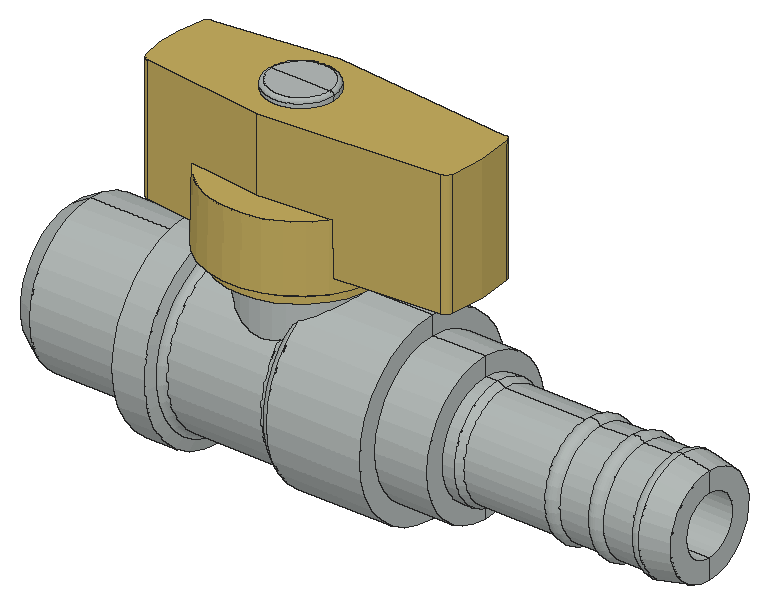
Revit family "QP21200000", category Apparecchi idraulici, Revit 2020
Family settings
  Quota connettore circolare = Usa diametro
  Tipo di parte = Normale
  Numero OmniClass = 23.45.00.00
  Titolo OmniClass = Sanitary, Laundry, and Cleaning Equipment
  Basato su piano di lavoro = No
  Sempre verticale = Sì
  Taglio con vuoti quando caricato = No
  Condiviso = No
  Punto di calcolo locali = No
Parameters
  URL = "https://web.cimberio.com/index.php/figura/132?subcategoria_id=95875"
  Temperatura di esercizio = "-20 ÷ 60°C"
  Prospetto di default = 0 mm
  Produttore = "CIMBERIO SPA"
  Pressione nominale = "MOP 5"
  Modello = "Cim 170"
  Materiale = "Prodotto in lega di ottone conforme alla norma EN 12165-CW617N-DW"
  Descrizione = "Utilizzato nell’impiantistica distributiva di gas a bassa pressione per le categorie:\r\nGas naturali: gas derivati dal petrolio (Metano) e gas di ricambio.\r\nGas di città: prodotti secondo i diversi procedimenti (Cracking - Cokerie - ecc.).\r\nGas liquidi: propano e miscele di gas propano/butano"
  DN Model [instance] = QP21203110 : QP21203110
  DN [instance] = 15 mm
  Commenti sul tipo = "Realizzato in ottemperanza ai requisiti gestionali della norma EN ISO 9001.\r\nCollaudato al 100% secondo la normativa EN 12266-1"
Reference planes
  plane 1 "Centro (Fronte/Retro)": y = 0
  plane 2: z = 0
  plane 3 "Centro (Sinistra/Destra)": x = 0
Dimensions and locks
  aligned and locked: level to plane 2
Nested families
  nested 1: "QP21203110" at (0, 0, 0), type <- "DN Model", type "QP21203110"
  nested 2: "QP21203110" at (0, 0, 0), type <- "DN Model", type "QP21203110"
  nested 3: "QP21203110" at (0, 0, 0), type <- "DN Model", type "QP21203110"
  nested 4: "QP21203110" at (0, 0, 0), type <- "DN Model", type "QP21203110"
Connectors
  piping at (56.067, 0, 0), diameter 15, driven by "DN"
    settings: on nested 1, index 1, connector inside diameter 609.6 mm, connector length 0 mm, flow factor 0, pipe flow 0.0 L/s, pressure drop 0.0 Pa, fitting loss kfactor 0, connector angle 0.00°, fixture units 0, engagement length 0 mm, angle of deflection 0.00°, flow configuration 0, flow direction 0, fitting loss method 0, system type 7, joint type 0, gender type 0, connector reference index -1, connector utility 0, adjustable connector no, is connector primary yes, connector description ""
  piping at (-31.233, 0, 0), diameter 15, driven by "DN"
    settings: on nested 1, index 2, connector inside diameter 609.6 mm, connector length 0 mm, flow factor 0, pipe flow 0.0 L/s, pressure drop 0.0 Pa, fitting loss kfactor 0, connector angle 0.00°, fixture units 0, engagement length 0 mm, angle of deflection 0.00°, flow configuration 0, flow direction 0, fitting loss method 0, system type 7, joint type 0, gender type 0, connector reference index -1, connector utility 0, adjustable connector no, is connector primary no, connector description ""
Definition of nested family "QP21203110"
  Parameters (values of type "QP21203110")
    URL = ""
    Default Elevation = 0 mm
    Manufacturer = ""
    Model = ""
    Description = ""
    Type Comments = ""
  Reference planes
    plane 1 "Centro (Fronte/Retro)": y = 0
    plane 2: z = 0
    plane 3 "Centro (Sinistra/Destra)": x = 0
  Forms (mm)
    Revolve 1, solid
      sketch origin (0.744, 0, 1.406) x (1, 0, 0) y (0, 0, 1)
        loop
          line (11.146, 13.716) -> (10.988, 22.789) -> (-0.448, 22.789) -> (-0.448, 11.85) -> (9.552, 11.85) -> (9.552, 12.795) -> (11.146, 13.716)
        axis (-0.754, 11.85) -> (-0.754, 22.789)
      angle from 0 to 360
    Revolve 2, solid
      sketch origin (0.751, 0, 1.446) x (1, 0, 0) y (0, 0, 1)
        loop
          arc (3.746, 33.15) -> (3.6, 33.504) -> (3.246, 33.65) r 0.5
          line (3.246, 33.65) -> (-0.754, 33.65) -> (-0.754, 31.443) -> (3.746, 31.443) -> (3.746, 33.15)
        axis (-0.754, 33.65) -> (-0.754, 31.443)
      angle from 0 to 360
    Extrusion 3, solid
      sketch origin (1.758, 0, 1.45) x (1, 0, 0) y (0, 1, 0)
        loop
          arc (-19.114, 4.772) -> (-19.758, -0.042) -> (-19.091, -4.852) r 18
          arc (-19.091, -4.852) -> (-18.778, -5.343) -> (-18.244, -5.576) r 1
          line (-18.244, -5.576) -> (-1.755, -7.5) -> (21.908, -5.5)
          arc (21.908, -5.5) -> (22.493, -5.247) -> (22.806, -4.691) r 1
          arc (22.806, -4.691) -> (23.25, 0) -> (22.806, 4.691) r 25
          arc (22.806, 4.691) -> (22.489, 5.25) -> (21.897, 5.501) r 1
          line (21.897, 5.501) -> (-2.38, 7.425) -> (-18.27, 5.5)
          arc (-18.27, 5.5) -> (-18.802, 5.265) -> (-19.114, 4.772) r 1
      from 15.62 to 32.65
    Revolve 4, solid
      sketch origin (1.758, 0, 0) x (1, 0, 0) y (0, 0, 1)
        loop
          line (-0.754, 4.83) -> (7.416, 4.83) -> (7.416, 16.081) -> (-0.754, 16.081) -> (-0.754, 4.83)
        axis (-0.754, 16.081) -> (-0.754, 4.83)
      angle from 0 to 360
    Revolve 5, solid
      sketch origin (0, 0, 0) x (1, 0, 0) y (0, 0, 1)
        loop
          line (18.067, -12.494) -> (18.067, -9.994) -> (25.323, -9.994) -> (25.323, -4) -> (-15.233, -4) -> (-15.233, -13.244) -> (-10.898, -13.244) -> (-10.494, -11.735)
          arc (-10.494, -11.735) -> (-10.137, -11.201) -> (-9.528, -10.994) r 1
          line (-9.528, -10.994) -> (3.324, -10.994)
          arc (3.324, -10.994) -> (3.824, -11.128) -> (4.19, -11.494) r 1
          arc (4.19, -11.494) -> (4.647, -12.133) -> (5.344, -12.494) r 1.682
          line (5.344, -12.494) -> (18.067, -12.494)
        axis (-15.233, 0) -> (25.323, 0)
      angle from 0 to 360
    Revolve 6, solid
      sketch origin (0, 0, 0) x (1, 0, 0) y (0, 0, 1)
        loop
          line (56.067, 4.012) -> (56.067, 6.684) -> (52.327, 7.479)
          arc (52.327, 7.479) -> (51.628, 7.426) -> (51.067, 7.006) r 1.25
          line (51.067, 7.006) -> (47.067, 7.006)
          arc (47.067, 7.006) -> (46.067, 7.506) -> (45.067, 7.006) r 1.25
          line (45.067, 7.006) -> (41.067, 7.006)
          arc (41.067, 7.006) -> (40.067, 7.506) -> (39.067, 7.006) r 1.25
          line (39.067, 7.006) -> (27.933, 7.006) -> (27.067, 7.506) -> (25.067, 7.506) -> (25.067, 4.012) -> (56.067, 4.012)
        axis (56.067, 0) -> (25.067, 0)
      angle from 0 to 360
    Revolve 7, solid
      sketch origin (0, 0, 0) x (1, 0, 0) y (0, 0, 1)
        loop
          line (-15.233, 10.456) -> (-28.804, 10.456) -> (-31.233, 9.013) -> (-31.233, 4) -> (-15.233, 4) -> (-15.233, 10.456)
        axis (-31.233, 0) -> (-15.233, 0)
      angle from 0 to 360
  Dimensions and locks
    aligned and locked: level to plane 2
